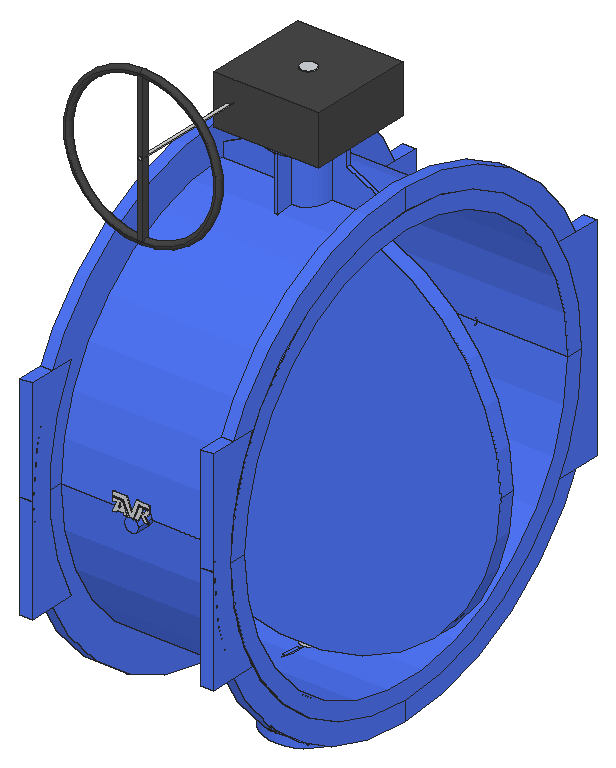
Revit family "756-106-682-DN700-2800", category Pipe Accessories, Revit 2019
Family settings
  Round Connector Dimension = Use Diameter
  Part Type = Valve - Breaks Into
  Work Plane-Based = No
  Always vertical = Yes
  Cut with Voids When Loaded = No
  Shared = No
Parameters (values of type "DN1800_PN16")
  W5 = size_lookup(Search_table, "W5", 0 mm, DN)  # 721 mm
  W4 = size_lookup(Search_table, "W4", 0 mm, DN)  # 1547 mm
  W3 = size_lookup(Search_table, "W3", 0 mm, DN)  # 1540 mm
  W2 = size_lookup(Search_table, "W2", 0 mm, DN)  # 1398 mm
  W1 = size_lookup(Search_table, "W1", 0 mm, DN)  # 1065 mm
  URL_product_pages = "https://www.avkvalves.com/P.aspx?no=756070010400609"
  Rib_width_2 = Gear_box_Mount_Flange_width * 2  # 359 mm
  Rib_width = L - (Flange_Thickness * 2)  # 750 mm
  Rib_height_2 = H1 - Flange_OD  # 115 mm
  Rib_depth = if(DN > 149 mm, 15 mm, if(DN > 299 mm, 15 mm, if(DN > 399 mm, 20 mm, 20 mm)))  # 15 mm
  Rib_height = Flange_OD / 1.1  # 968.182 mm
  Rf_Dia = size_lookup(Search_table, "RF_Dia", 0 mm, DN) / 2  # 973 mm
  RF_Cut_Thickness = 5 mm  # constant formula
  Pin_width = L / 2  # 435 mm
  Pin_dia = HW_rod_Dia * 2  # 60 mm
  Pin_Depth = (DN + size_lookup(Search_table, "Flange_OD", 0 mm, DN)) / 2  # 1965.05 mm
  Offset = size_lookup(Search_table, "Offset", 0 mm, DN)  # 3 mm
  L2 = size_lookup(Search_table, "L2", 0 mm, DN)  # 454 mm
  L1 = size_lookup(Search_table, "L1", 0 mm, DN)  # 448 mm
  L = size_lookup(Search_table, "L", 0 mm, DN)  # 870 mm
  ID (Radius) = DN / 2  # 900.05 mm
  Hand_wheel_rod = size_lookup(Search_table, "Hand_wheel_rod", 0 mm, DN)  # 58.5 mm
  HW_rod_Dia = size_lookup(Search_table, "HW_rod_Dia", 0 mm, DN)  # 30 mm
  HW_height = W5 - (HW_rod_Dia / 2)  # 706 mm
  HW_Ref = size_lookup(Search_table, "HW_Ref", 0 mm, DN)  # 170 mm
  HW_Connecting_Rib_ref = (H1 + W2) / 2  # 1289 mm
  HW_Connecting_Rib = D * 2  # 670 mm
  H2 = size_lookup(Search_table, "H2", 0 mm, DN)  # 1220 mm
  H1 = size_lookup(Search_table, "H1", 0 mm, DN)  # 1180 mm
  Gear_box_width = Gear_box_Mount_Flange_width * 1.3  # 233.35 mm
  Flange_Thickness = size_lookup(Search_table, "Flange_Thickness", 0 mm, DN)  # 60 mm
  Flange_OD = size_lookup(Search_table, "Flange_OD", 0 mm, DN) / 2  # 1065 mm
  Disc_width = if(DN > 2499 mm, 100 mm, if(DN > 2299 mm, 90 mm, if(DN > 1999 mm, 80 mm, if(DN > 1599 mm, 70 mm, if(DN > 1399 mm, 60 mm, if(DN > 999 mm, 50 mm, if(DN > 699 mm, 40 mm, 40 mm)))))))  # 70 mm
  Disc_Dia = size_lookup(Search_table, "Disc_Dia", 0 mm, DN)  # 1772 mm
  DN2800_PN10 = "756-2800-1-0400609"
  DN2800 = no
  DN2600_PN16 = "756-2600-1-1400609"
  DN2600_PN10 = "756-2600-1-0400609"
  DN2600 = no
  DN2400_PN16 = "756-2400-1-1400609"
  DN2400_PN10 = "756-2400-1-0400609"
  DN2400 = no
  DN2200_PN16 = "756-2200-1-1400609"
  DN2200_PN10 = "756-2200-1-0400609"
  DN2200 = no
  DN2000_PN16 = "756-2000-1-1400609"
  DN2000_PN10 = "756-2000-1-0400609"
  DN2000 = no
  DN0700_PN16 = "756-0700-1-1400609"
  DN = 1800.1 mm
  Search_table = "756-106-682-DN700-2800"
  Disk_2 = size_lookup(Search_table, "Disk_2", 0 mm, DN)  # 50 mm
  Disk_1 = size_lookup(Search_table, "Disk_1", 0 mm, DN)  # 50 mm
  Description_ = "AVK DOUBLE ECC. BUTTERFLY VALVE, LONG"
  DN1600_PN16 = "756-1600-1-1400609"
  DN1600_PN10 = "756-1600-1-0400609"
  DN1800 = no
  DN1800_PN16 = "756-1800-1-1400609"
  DN1800_PN10 = "756-1800-1-0400609"
  DN1600 = no
  DN1500_PN16 = "756-1500-1-1400609"
  DN1500_PN10 = "756-1500-1-0400609"
  DN1500 = no
  DN1400_PN16 = "756-1400-1-1400609"
  DN1400_PN10 = "756-1400-1-0400609"
  DN1400 = no
  DN1200_PN16 = "756-1200-1-1400609"
  DN1200_PN10 = "756-1200-1-0400609"
  DN1200 = no
  DN1000_PN16 = "756-1000-1-1400609"
  DN1000_PN10 = "756-1000-1-0400609"
  DN1000 = no
  DN0900_PN16 = "756-0900-1-1400609"
  DN0900_PN10 = "756-0900-1-0400609"
  DN900 = no
  DN0800_PN16 = "756-0800-1-1400609"
  DN0800_PN10 = "756-0800-1-0400609"
  DN800 = no
  DN0700_PN10 = "756-0700-1-0400609"
  DN700 = yes
  D1 = size_lookup(Search_table, "D1", 0 mm, DN)  # 12.3 mm
  D = size_lookup(Search_table, "D", 0 mm, DN) / 2 - (HW_rod_Dia / 2)  # 335 mm
  CD_rod = if(DN > 2499 mm, 99 mm, if(DN > 2299 mm, 89 mm, if(DN > 1999 mm, 79 mm, if(DN > 1599 mm, 69 mm, if(DN > 1399 mm, 59 mm, if(DN > 999 mm, 49 mm, if(DN > 699 mm, 39 mm, 39 mm)))))))  # 69 mm
  Bottom_width = size_lookup(Search_table, "Bottom_width", 0 mm, DN)  # 942 mm
  Bottom_Depth = DN * 1.5  # 2700.15 mm
  Gear_box_Mount_width = size_lookup(Search_table, "Gear_box_Mount_width", 0 mm, DN) * 2  # 110 mm
  Gear_box_Mount_Flange_width = size_lookup(Search_table, "Gear_box_Mount_Flange_width", 0 mm, DN) / 2  # 179.5 mm
  Gear_box_Mount_Flange_thickness = size_lookup(Search_table, "Gear_box_Mount_Flange_thickness", 0 mm, DN)  # 50 mm
  Body_wallthickness = 10 mm  # constant formula
Types (28, lengths in mm): name | W5 | W4 | W3 | W2 | W1 | Rib_width_2 | Rib_width | Rib_height_2 | Rib_height | Rf_Dia | Pin_width | Pin_Depth | L2 | L1 | L | ID (Radius) | Hand_wheel_rod | HW_height | HW_Ref | HW_Connecting_Rib_ref | HW_Connecting_Rib | H2 | H1 | Gear_box_width | Flange_Thickness | Flange_OD | Disc_width | Disc_Dia | DN2800 | DN2600 | DN2400_PN16 | DN0700_PN16 | DN | Disk_2 | Disk_1 | DN1500_PN10 | DN1200_PN10 | DN0900_PN10 | DN0700_PN10 | DN700 | D | CD_rod | Bottom_width | Bottom_Depth | Gear_box_Mount_width | Gear_box_Mount_Flange_width | Gear_box_Mount_Flange_thickness
  (no name) | 721 | 1547 | 1540 | 1398 | 1065 | 359 | 750 | 115 | 968.182 | 973 | 435 | 1965.05 | 454 | 448 | 870 | 900.05 | 58.5 | 706 | 170 | 1289 | 670 | 1220 | 1180 | 233.35 | 60 | 1065 | 70 | 1772 | no | no | "756-2400-1-1400609" | "756-0700-1-1400609" | 1800.1 | 50 | 50 | "756-1500-1-0400609" | "756-1200-1-0400609" | "756-0900-1-0400609" | "756-0700-1-0400609" | yes | 335 | 69 | 942 | 2700.15 | 110 | 179.5 | 50
  DN0700_PN10 | 396 | 543 | 533 | 641 | 448 | 204 | 350 | 72.5 | 406.818 | 397 | 215 | 797.5 | 133 | 127 | 430 | 350 | 33 | 381 | 110 | 580.5 | 570 | 550 | 520 | 132.6 | 40 | 447.5 | 40 | 690 | no | no | "756-2400-1-1400609" | "756-0700-1-1400609" | 700 | 40 | 40 | "756-1500-1-0400609" | "756-1200-1-0400609\r\n756-1200-1-0400609" | "756-0900-1-0400609" | "756-0700-1-0400609" | no | 285 | 39 | 395 | 1050 | 62 | 102 | 30
  DN0700_PN16 | 517 | 543 | 533 | 641 | 455 | 214 | 350 | 77 | 413.636 | 397 | 215 | 805.05 | 133 | 127 | 430 | 350.05 | 34.5 | 502 | 110 | 586.5 | 670 | 550 | 532 | 139.1 | 40 | 455 | 40 | 690 | no | no | "756-2400-1-1400609" | "756-0700-1-1400609" | 700.1 | 40 | 40 | "756-1500-1-0400609" | "756-1200-1-0400609" | "756-0900-1-0400609" | "756-0700-1-0400609" | no | 335 | 39 | 427 | 1050.15 | 66 | 107 | 30
  DN0800_PN10 | 396 | 636 | 627 | 711 | 508 | 223 | 390 | 95.5 | 461.364 | 450 | 235 | 907.5 | 162 | 156 | 470 | 400 | 36 | 381 | 125 | 657 | 570 | 620 | 603 | 144.95 | 40 | 507.5 | 40 | 788.5 | no | no | "756-2400-1-1400609" | "756-0700-1-1400609" | 800 | 40 | 40 | "756-1500-1-0400609" | "756-1200-1-0400609" | "756-0900-1-0400609" | "756-0700-1-0400609" | no | 285 | 39 | 460 | 1200 | 68 | 111.5 | 40
  DN0800_PN16 | 517 | 636 | 627 | 711 | 513 | 232 | 390 | 90.5 | 465.909 | 450 | 235 | 912.55 | 162 | 156 | 470 | 400.05 | 37.5 | 502 | 125 | 657 | 670 | 620 | 603 | 150.8 | 40 | 512.5 | 40 | 788.5 | no | no | "756-2400-1-1400609" | "756-0700-1-1400609" | 800.1 | 40 | 40 | "756-1500-1-0400609" | "756-1200-1-0400609" | "756-0900-1-0400609" | "756-0700-1-0400609" | no | 335 | 39 | 492 | 1200.15 | 72 | 116 | 40
  DN0900_PN10 | 517 | 730 | 722 | 791 | 558 | 241 | 430 | 116.5 | 506.818 | 500 | 255 | 1007.5 | 192 | 186 | 510 | 450 | 39 | 502 | 128 | 732.5 | 670 | 690 | 674 | 156.65 | 40 | 557.5 | 40 | 888.5 | no | no | "756-2400-1-0400609" | "756-0700-1-1400609" | 900 | 40 | 40 | "756-1500-1-0400609" | "756-1200-1-0400609" | "756-0900-1-0400609" | "756-0700-1-0400609" | no | 335 | 39 | 524 | 1350 | 74 | 120.5 | 40
  DN0900_PN16 | 570 | 730 | 722 | 791 | 563 | 250 | 430 | 111.5 | 511.364 | 500 | 255 | 1012.55 | 192 | 186 | 510 | 450.05 | 40.5 | 555 | 128 | 732.5 | 670 | 690 | 674 | 162.5 | 40 | 562.5 | 40 | 888.5 | no | no | "756-2400-1-1400609" | "756-0700-1-1400609" | 900.1 | 40 | 40 | "756-1500-1-0400609" | "756-1200-1-0400609" | "756-0900-1-0400609" | "756-0700-1-0400609" | no | 335 | 39 | 556 | 1350.15 | 76 | 125 | 40
  DN1000_PN10 | 530 | 824 | 816 | 871 | 615 | 259 | 470 | 130 | 559.091 | 556 | 275 | 1115 | 222 | 216 | 550 | 500 | 42 | 515 | 130 | 808 | 670 | 770 | 745 | 168.35 | 40 | 615 | 50 | 988 | no | no | "756-2400-1-1400609" | "756-0700-1-1400609" | 1000 | 40 | 40 | "756-1500-1-0400609" | "756-1200-1-0400609" | "756-0900-1-0400609" | "756-0700-1-0400609" | no | 335 | 49 | 588 | 1500 | 80 | 129.5 | 40
  DN1000_PN16 | 570 | 824 | 816 | 871 | 628 | 268 | 470 | 117.5 | 570.455 | 556 | 275 | 1127.55 | 222 | 216 | 550 | 500.05 | 43.5 | 555 | 130 | 808 | 570 | 770 | 745 | 174.2 | 40 | 627.5 | 50 | 988 | no | no | "756-2400-1-1400609" | "756-0700-1-1400609" | 1000.1 | 50 | 50 | "756-1500-1-0400609" | "756-1200-1-0400609" | "756-0900-1-0400609" | "756-0700-1-0400609" | no | 285 | 49 | 620 | 1500.15 | 82 | 134 | 40
  DN1200_PN10 | 570 | 993 | 986 | 956 | 728 | 277 | 550 | 112.5 | 661.364 | 666 | 315 | 1327.5 | 275 | 269 | 630 | 600 | 45 | 555 | 128 | 898 | 570 | 855 | 840 | 180.05 | 40 | 727.5 | 50 | 1174.5 | no | no | "756-2400-1-1400609" | "756-0700-1-1400609" | 1200 | 50 | 50 | "756-1500-1-0400609" | "756-1200-1-0400609" | "756-0900-1-0400609" | "756-0700-1-0400609" | no | 285 | 49 | 653 | 1800 | 84 | 138.5 | 40
  DN1200_PN16 | 590.5 | 993 | 986 | 956 | 743 | 286 | 530 | 97.5 | 675 | 666 | 315 | 1342.55 | 275 | 269 | 630 | 600.05 | 46.5 | 575.5 | 128 | 898 | 670 | 855 | 840 | 185.9 | 50 | 742.5 | 50 | 1174.5 | no | no | "756-2400-1-1400609" | "756-0700-1-1400609" | 1200.1 | 50 | 50 | "756-1500-1-0400609" | "756-1200-1-0400609" | "756-0900-1-0400609" | "756-0700-1-0400609" | no | 335 | 49 | 685 | 1800.15 | 88 | 143 | 40
  DN1400_PN10 | 570 | 1189 | 1182 | 1071 | 838 | 295 | 610 | 92.5 | 761.364 | 763 | 355 | 1537.5 | 339 | 333 | 710 | 700 | 48 | 555 | 150 | 1000.5 | 670 | 970 | 930 | 191.75 | 50 | 837.5 | 60 | 1382 | no | no | "756-2400-1-1400609" | "756-0700-1-1400609" | 1400 | 50 | 50 | "756-1500-1-0400609" | "756-1200-1-0400609" | "756-0900-1-0400609" | "756-0700-1-0400609" | no | 335 | 59 | 717 | 2100 | 90 | 147.5 | 40
  DN1400_PN16 | 590.5 | 1189 | 1182 | 1119 | 843 | 304 | 610 | 77.5 | 765.909 | 763 | 355 | 1542.55 | 339 | 333 | 710 | 700.05 | 49.5 | 575.5 | 150 | 1019.5 | 670 | 970 | 920 | 197.6 | 50 | 842.5 | 60 | 1382 | no | no | "756-2400-1-1400609" | "756-0700-1-1400609" | 1400.1 | 50 | 50 | "756-1500-1-0400609" | "756-1200-1-0400609" | "756-0900-1-0400609" | "756-0700-1-0400609" | no | 335 | 59 | 749 | 2100.15 | 94 | 152 | 40
  DN1500_PN10 | 570 | 1281 | 1274 | 1219 | 913 | 313 | 650 | 127.5 | 811.364 | 818 | 375 | 1642.5 | 369 | 363 | 750 | 750 | 51 | 555 | 175 | 1119.5 | 670 | 1070 | 1020 | 203.45 | 50 | 892.5 | 60 | 1482 | no | no | "756-2400-1-1400609" | "756-0700-1-1400609" | 1500 | 50 | 50 | "756-1500-1-0400609" | "756-1200-1-0400609" | "756-0900-1-0400609" | "756-0700-1-0400609" | no | 335 | 59 | 781 | 2250 | 96 | 156.5 | 40
  DN1500_PN16 | 590.5 | 1281 | 1274 | 1219 | 913 | 323 | 650 | 110 | 827.273 | 818 | 375 | 1660.05 | 369 | 363 | 750 | 750.05 | 52.5 | 575.5 | 175 | 1119.5 | 670 | 1070 | 1020 | 209.95 | 50 | 910 | 60 | 1482 | no | no | "756-2400-1-1400609" | "756-0700-1-1400609" | 1500.1 | 50 | 50 | "756-1500-1-0400609" | "756-1200-1-0400609" | "756-0900-1-0400609" | "756-0700-1-0400609" | no | 335 | 59 | 813 | 2250.15 | 98 | 161.5 | 50
  DN1600_PN16 | 630.5 | 1366 | 1359 | 1294 | 965 | 341 | 670 | 125 | 877.273 | 875 | 395 | 1765.05 | 396 | 390 | 790 | 800.05 | 55.5 | 615.5 | 181 | 1192 | 670 | 1145 | 1090 | 221.65 | 60 | 965 | 70 | 1576 | no | no | "756-2400-1-1400609" | "756-0700-1-1400609" | 1600.1 | 50 | 50 | "756-1500-1-0400609" | "756-1200-1-0400609" | "756-0900-1-0400609" | "756-0700-1-0400609" | no | 335 | 69 | 878 | 2400.15 | 104 | 170.5 | 50
  DN1600_PN10 | 590.5 | 1366 | 1359 | 1294 | 958 | 332 | 690 | 132.5 | 870.455 | 875 | 395 | 1757.5 | 396 | 390 | 790 | 800 | 54 | 575.5 | 181 | 1192 | 670 | 1145 | 1090 | 215.8 | 50 | 957.5 | 70 | 1576 | no | no | "756-2400-1-1400609" | "756-0700-1-1400609" | 1600 | 50 | 50 | "756-1500-1-0400609" | "756-1200-1-0400609" | "756-0900-1-0400609" | "756-0700-1-0400609" | no | 335 | 69 | 846 | 2400 | 102 | 166 | 50
  DN1800_PN16 | 721 | 1547 | 1540 | 1398 | 1065 | 359 | 750 | 115 | 968.182 | 973 | 435 | 1965.05 | 454 | 448 | 870 | 900.05 | 58.5 | 706 | 170 | 1289 | 670 | 1220 | 1180 | 233.35 | 60 | 1065 | 70 | 1772 | no | no | "756-2400-1-1400609" | "756-0700-1-1400609" | 1800.1 | 50 | 50 | "756-1500-1-0400609" | "756-1200-1-0400609" | "756-0900-1-0400609" | "756-0700-1-0400609" | yes | 335 | 69 | 942 | 2700.15 | 110 | 179.5 | 50
  DN1800_PN10 | 630.5 | 1547 | 1540 | 1369 | 1058 | 350 | 750 | 122.5 | 961.364 | 973 | 435 | 1957.5 | 454 | 448 | 870 | 900 | 57 | 615.5 | 170 | 1274.5 | 670 | 1220 | 1180 | 227.5 | 60 | 1057.5 | 70 | 1772 | no | no | "756-2400-1-1400609" | "756-0700-1-1400609" | 1800 | 50 | 50 | "756-1500-1-0400609" | "756-1200-1-0400609" | "756-0900-1-0400609" | "756-2800-1-0400609" | no | 335 | 69 | 910 | 2700 | 106 | 175 | 50
  DN2000_PN10 | 686 | 1760 | 1753 | 1547 | 1180 | 368 | 830 | 167.5 | 1056.818 | 1114 | 475 | 2162.5 | 527 | 521 | 950 | 1000 | 60 | 671 | 191 | 1438.5 | 670 | 1382 | 1330 | 239.2 | 60 | 1162.5 | 80 | 1998 | no | no | "756-2400-1-1400609" | "756-0700-1-1400609" | 2000 | 50 | 50 | "756-1500-1-0400609" | "756-1200-1-0400609" | "756-0900-1-0400609" | "756-0700-1-0400609" | yes | 335 | 79 | 974 | 3000 | 112 | 184 | 50
  DN2000_PN16 | 747 | 1760 | 1753 | 1560 | 1180 | 377 | 830 | 157.5 | 1065.909 | 1114 | 475 | 2172.55 | 527 | 521 | 950 | 1000.05 | 61.5 | 732 | 191 | 1445 | 670 | 1382 | 1330 | 245.05 | 60 | 1172.5 | 80 | 1998 | no | no | "756-2400-1-1400609" | "756-0700-1-1400609" | 2000.1 | 50 | 50 | "756-1500-1-0400609" | "756-1200-1-0400609" | "756-0900-1-0400609" | "756-0700-1-0400609" | yes | 335 | 79 | 1006 | 3000.15 | 116 | 188.5 | 50
  DN2200_PN16 | 764 | 1932 | 1926 | 1641 | 1278 | 395 | 910 | 142.5 | 1161.364 | 1180 | 515 | 2377.55 | 582 | 576 | 1030 | 1100.05 | 64.5 | 749 | 170 | 1530.5 | 670 | 1482 | 1420 | 256.75 | 60 | 1277.5 | 80 | 2187 | no | no | "756-2400-1-1400609" | "756-0700-1-1400609" | 2200.1 | 60 | 60 | "756-1500-1-0400609" | "756-1200-1-0400609" | "756-0900-1-0400609" | "756-0700-1-0400609" | yes | 335 | 79 | 1000 | 3300.15 | 120 | 197.5 | 50
  DN2200_PN10 | 721 | 1932 | 1926 | 1650 | 1275 | 386 | 910 | 135 | 1159.091 | 1180 | 515 | 2375 | 582 | 576 | 1030 | 1100 | 63 | 706 | 170 | 1530 | 670 | 1472 | 1410 | 250.9 | 60 | 1275 | 80 | 2187 | no | no | "756-2400-1-1400609" | "756-0700-1-1400609" | 2200 | 50 | 50 | "756-1500-1-0400609\r\n756-1500-1-1400609" | "756-1200-1-0400609" | "756-0900-1-0400609" | "756-0700-1-0400609" | yes | 335 | 79 | 1000 | 3300 | 118 | 193 | 50
  DN2600_PN16 | 780 | 2295 | 2289 | 2050 | 1535 | 432 | 1050 | 256 | 1385.455 | 1415 | 595 | 2824.05 | 699 | 693 | 1190 | 1300.05 | 70.5 | 765 | 214 | 1915 | 370 | 1855 | 1780 | 280.8 | 70 | 1524 | 100 | 2582.4 | no | yes | "756-2400-1-1400609" | "756-0700-1-1400609" | 2600.1 | 60 | 60 | "756-1500-1-0400609" | "756-1200-1-0400609" | "756-0900-1-0400609" | "756-0700-1-0400609" | no | 185 | 99 | 1199 | 3900.15 | 132 | 216 | 50
  DN2600_PN10 | 780 | 2295 | 2289 | 2010 | 1490 | 422 | 1050 | 270 | 1345.455 | 1415 | 595 | 2780 | 699 | 693 | 1190 | 1300 | 69 | 765 | 214 | 1880 | 370 | 1820 | 1750 | 274.3 | 70 | 1480 | 100 | 2582.4 | no | yes | "756-2400-1-1400609" | "756-0700-1-1400609" | 2600 | 60 | 60 | "756-1500-1-0400609" | "756-1200-1-0400609" | "756-0900-1-0400609" | "756-0700-1-0400609" | no | 185 | 99 | 1167 | 3900 | 128 | 211 | 50
  DN2400_PN10 | 752 | 2019 | 2103 | 1759 | 1380 | 404 | 970 | 190 | 1254.545 | 1272.5 | 555 | 2580 | 639 | 633 | 1110 | 1200 | 66 | 737 | 168 | 1664.5 | 670 | 1613 | 1570 | 262.6 | 70 | 1380 | 90 | 2382.4 | no | no | "756-2400-1-1400609" | "756-0700-1-1400609\r\n756-0700-1-1400609" | 2400 | 60 | 60 | "756-1500-1-0400609" | "756-1200-1-0400609" | "756-0900-1-0400609" | "756-0700-1-0400609" | yes | 335 | 89 | 1103 | 3600 | 124 | 202 | 50
  DN2400_PN16 | 764 | 2132 | 2126 | 1753 | 1382 | 413 | 970 | 167.5 | 1256.818 | 1272.5 | 555 | 2582.55 | 682 | 676 | 1110 | 1200.05 | 67.5 | 749 | 168 | 1651.5 | 670 | 1584 | 1550 | 268.45 | 70 | 1382.5 | 90 | 2382.3 | no | no | "756-2400-1-1400609" | "756-0700-1-1400609" | 2400.1 | 60 | 60 | "756-1500-1-0400609" | "756-1200-1-0400609" | "756-0800-1-0400609" | "756-0700-1-0400609" | yes | 335 | 89 | 1135 | 3600.15 | 126 | 206.5 | 50
  DN2800_PN10 | 825 | 2442 | 2441 | 2140 | 1600 | 441 | 1130 | 250 | 1445.455 | 1500 | 635 | 2990 | 739 | 738 | 1270 | 1400 | 72 | 810 | 240 | 1990 | 570 | 1921 | 1840 | 286.65 | 70 | 1590 | 100 | 2752.2 | yes | no | "756-2400-1-1400609" | "756-0700-1-1400609" | 2800 | 60 | 60 | "756-1500-1-0400609" | "756-1200-1-0400609" | "756-0900-1-0400609" | "756-0700-1-0400609" | no | 285 | 99 | 1232 | 4200 | 134 | 220.5 | 50
Reference planes
  plane 1 "Center (Front/Back)": y = 0
  plane 2: z = 0
  plane 3 "Center (Left/Right)": x = 0
  plane 4: y = 900.05
  plane 5: y = 910.05
  plane 6: x = 435
  plane 7: x = 375
  plane 8: x = -375
  plane 9: x = -435
  plane 10: z = 1180
  plane 11: x = 179.5
  plane 12: z = 1130
  plane 13: z = -1180
  plane 14: x = 179.5
  plane 15: z = -1130
  plane 16: x = 110
  plane 17: x = 179.5
  plane 18: x = -179.5
  plane 19: z = 1180
  plane 20: z = 1065
  plane 21: z = 900.05
  plane 22: x = 375
  plane 23: x = -375
  plane 24: z = 968.182
  plane 25: y = 7.5
  plane 26: y = -7.5
  plane 27: x = 179.5
  plane 28: x = -179.5
  plane 29: z = -1180
  plane 30: z = -1065
  plane 31: z = -900.05
  plane 32: x = 375
  plane 33: x = -375
  plane 34: z = -968.182
  plane 35: y = 179.5
  plane 36: y = -179.5
  plane 37: x = -7.5
  plane 38: x = 7.5
  plane 39: y = 233.35
  plane 40: y = -233.35
  plane 41: y = -721
  plane 42: y = -691
  plane 43: z = -1220
  plane 44: z = 1398
  plane 45: x = 110
  plane 46: y = 900.05
  plane 47: y = -900.05
  plane 48: y = 982.525
  plane 49: y = -982.525
  plane 50: x = -170
  plane 51: z = 1289
  plane 52: x = -196.6
  plane 53: x = -403
  plane 54: y = 233.35
  plane 55: y = -233.35
  plane 56: x = -170
  plane 57: y = 35
  plane 58: y = -35
  plane 59: z = 471
  plane 60: z = -471
  plane 61: y = -1065
  plane 62: z = 471
  plane 63: z = -471
  plane 64: y = 1065
  plane 65: x = -175
  plane 66: z = 1219.265
  plane 67: z = -1219.265
  plane 68: z = 1222.386
  plane 69: z = -1222.386
Forms (mm)
  Revolve 1, solid, material "Plastic"
    sketch origin (0, 0, 0) x (1, 0, 0) y (0, 1, 0)
      loop
        line (-375, 910.05) -> (-375, 1065) -> (-435, 1065) -> (-435, 900.05) -> (435, 900.05) -> (435, 1065) -> (375, 1065) -> (375, 910.05) -> (-375, 910.05)
      axis (-435, 0) -> (435, 0)
    angle from 0 to 360
  Revolve 2, solid, material "Plastic"
    sketch origin (0, 0, 0) x (1, 0, 0) y (0, 0, 1)
      loop
        line (110, 1130) -> (179.5, 1130) -> (179.5, 1180) -> (0, 1180) -> (0, 900.05) -> (110, 900.05) -> (110, 1130)
      axis (0, 1180) -> (0, 900.05)
    angle from 0 to 360
  Revolve 3, solid, material "Plastic"
    sketch origin (0, 0, 0) x (1, 0, 0) y (0, 0, -1)
      loop
        line (110, 900.05) -> (110, 1130) -> (179.5, 1130) -> (179.5, 1180) -> (0, 1180) -> (0, 900.05) -> (110, 900.05)
      axis (0, 1180) -> (0, 900.05)
    angle from 0 to 360
  Revolve 4, solid, material "Plastic"
    sketch origin (0, 0, 0) x (1, 0, 0) y (0, 0, 1)
      loop
        line (0, -1180) -> (0, -1220) -> (179.5, -1220) -> (179.5, -1180) -> (0, -1180)
      axis (0, -1220) -> (0, -1180)
    angle from 0 to 360
  Extrusion 5, solid, material "Plastic"
    sketch origin (0, 0, 0) x (1, 0, 0) y (0, 0, 1)
      loop
        line (179.5, 1180) -> (-179.5, 1180) -> (-179.5, 1065) -> (-375, 968.182) -> (-375, 900.05) -> (375, 900.05) -> (375, 968.182) -> (179.5, 1065) -> (179.5, 1180)
    from -7.5 to 7.5
  Extrusion 6, solid, material "Plastic"
    sketch origin (0, 0, 0) x (1, 0, 0) y (0, 0, 1)
      loop
        line (179.5, -1180) -> (179.5, -1065) -> (375, -968.182) -> (375, -900.05) -> (-375, -900.05) -> (-375, -968.182) -> (-179.5, -1065) -> (-179.5, -1180) -> (179.5, -1180)
    from -7.5 to 7.5
  Extrusion 7, solid, material "Plastic"
    sketch origin (0, 0, 0) x (0, 1, 0) y (0, 0, 1)
      loop
        line (179.5, 1130) -> (-179.5, 1130) -> (-179.5, -1130) -> (179.5, -1130) -> (179.5, 1130)
    from -7.5 to 7.5
  Extrusion 8, void
    sketch origin (0, 0, 0) x (0, 1, 0) y (0, 0, 1)
      loop
        circle (0, 0) r 900.05
    from -435 to 435
  Extrusion 9, solid, material "Plastic"
    sketch origin (0, 0, 0) x (1, 0, 0) y (0, 0, 1)
      loop
        circle (0, 0) r 30
    from -982.525 to -900.05
  Extrusion 10, solid, material "Plastic"
    sketch origin (0, 0, 0) x (1, 0, 0) y (0, 0, 1)
      loop
        circle (0, 0) r 30
    from 982.525 to 900.05
  Revolve 11, void
    sketch origin (0, 0, 0) x (1, 0, 0) y (0, 0, 1)
      loop
        line (435, 1220) -> (430, 1220) -> (430, 973) -> (435, 973) -> (435, 1220)
      loop
        line (-435, 1220) -> (-435, 973) -> (-430, 973) -> (-430, 1220) -> (-435, 1220)
      axis (-435, 0) -> (435, 0)
    angle from 0 to 360
  Extrusion 12, solid, material "Stainless Steel AISI 304"
    sketch origin (0, 0, 0) x (1, 0, 0) y (0, 0, 1)
      loop
        line (-233.35, 1398) -> (-233.35, 1180) -> (233.35, 1180) -> (233.35, 1398) -> (-233.35, 1398)
    from -233.35 to 233.35
  Extrusion 13, solid, material "Stainless Steel AISI 304(1)"
    sketch origin (0, 0, 0) x (1, 0, 0) y (0, 0, 1)
      loop
        circle (-170, 1289) r 6.15
    from 0 to 721
  Extrusion 14, solid, material "Plastic"
    sketch origin (0, 0, 0) x (1, 0, 0) y (0, 0, 1)
      loop
        circle (-3, 0) r 886
    from -35 to 35
  Extrusion 15, solid
    sketch origin (0, 0, 0) x (1, 0, 0) y (0, 1, 0)
      loop
        circle (0, 0) r 34.5
    from -1220 to 1398
  Extrusion 16, solid, material "Plastic"
    sketch origin (-170, -1524, 1534) x (0, 0, 1) y (0, -1, 0)
      loop
        line (-1063, -672.596) -> (-1063, -459) -> (-1534, -459) -> (-2005, -459) -> (-2005, -672.596)
        arc (-2005, -672.596) -> (-1534, -551) -> (-1063, -672.596) r 973
      loop
        arc (-1063, -2375.404) -> (-1534, -2497) -> (-2005, -2375.404) r 973
        line (-2005, -2375.404) -> (-2005, -2589) -> (-1063, -2589) -> (-1063, -2375.404)
    from 545 to 600
  Extrusion 17, solid, material "Plastic"
    sketch origin (-170, -1524, 1534) x (0, 0, 1) y (0, -1, 0)
      loop
        line (-1063, -2589) -> (-1063, -2375.404)
        arc (-1063, -2375.404) -> (-1534, -2497) -> (-2005, -2375.404) r 973
        line (-2005, -2375.404) -> (-2005, -2589) -> (-1063, -2589)
      loop
        line (-1534, -459) -> (-2005, -459) -> (-2005, -672.596)
        arc (-2005, -672.596) -> (-1534, -551) -> (-1063, -672.596) r 973
        line (-1063, -672.596) -> (-1063, -459) -> (-1534, -459)
    from -260 to -205
Cuts and joins
  Extrusion 8, Revolve 11 cuts Revolve 1
  Extrusion 8 cuts Extrusion 7
Dimensions and locks
  equal spacing: plane 9, plane 3 "Center (Left/Right)", plane 6
  "L": plane 9 to plane 6
  "ID (Radius)": plane 4 to plane 1 "Center (Front/Back)"
  "Body_wallthickness": plane 5 to plane 4
  "Flange_Thickness": plane 7 to plane 6
  "Flange_Thickness": plane 9 to plane 8
  "Flange_OD": plane 1 "Center (Front/Back)" to Revolve 1 sketch curve
  "H1": plane 10 to level
  "Gear_box_Mount_Flange_thickness": plane 10 to plane 12
  "ID (Radius)": Revolve 2 sketch curve to level
  "Gear_box_Mount_Flange_width": plane 3 "Center (Left/Right)" to plane 11
  "Gear_box_Mount_Flange_thickness": plane 13 to plane 15
  "H1": level to plane 13
  "ID (Radius)": level to Revolve 3 sketch curve
  "Gear_box_Mount_Flange_width": Revolve 4 sketch curve to Revolve 4 sketch curve
  "ID (Radius)": plane 21 to level
  "H1": plane 19 to level
  "Gear_box_Mount_Flange_width": plane 3 "Center (Left/Right)" to plane 17
  "Gear_box_Mount_Flange_width": plane 18 to plane 3 "Center (Left/Right)"
  "Rib_height": plane 24 to level
  equal spacing: plane 25, plane 1 "Center (Front/Back)", plane 26
  "Rib_depth": plane 25 to plane 26
  equal spacing: plane 22, plane 3 "Center (Left/Right)", plane 23
  "Rib_width": plane 22 to plane 23
  "Rib_height_2": plane 19 to plane 20
  "Rib_height_2": plane 29 to plane 30
  "Rib_height": level to plane 34
  "Gear_box_Mount_Flange_width": plane 28 to plane 3 "Center (Left/Right)"
  "Gear_box_Mount_Flange_width": plane 3 "Center (Left/Right)" to plane 27
  "ID (Radius)": level to plane 31
  "H1": level to plane 29
  equal spacing: plane 32, plane 3 "Center (Left/Right)", plane 33
  "Rib_width": plane 32 to plane 33
  equal spacing: plane 35, plane 1 "Center (Front/Back)", plane 36
  equal spacing: plane 37, plane 3 "Center (Left/Right)", plane 38
  "Rib_depth": plane 37 to plane 38
  equal spacing: plane 39, plane 1 "Center (Front/Back)", plane 40
  "Rib_width_2": plane 35 to plane 36
  "Gear_box_width": plane 1 "Center (Front/Back)" to plane 40
  "W5": plane 1 "Center (Front/Back)" to plane 41
  "H2": level to Revolve 4 sketch curve
  "HW_rod_Dia": plane 42 to plane 41
  "H2": level to plane 43
  "W2": plane 44 to level
  "Gear_box_Mount_width": plane 45 to plane 3 "Center (Left/Right)"
  "Gear_box_Mount_width": plane 3 "Center (Left/Right)" to plane 16
  "Gear_box_Mount_Flange_width": plane 3 "Center (Left/Right)" to plane 14
  "H2": Extrusion 9 sketch curve to Revolve 4
  equal spacing: plane 46, plane 1 "Center (Front/Back)", plane 47
  "DN": plane 46 to plane 47
  equal spacing: plane 48, plane 1 "Center (Front/Back)", plane 49
  "Pin_Depth": plane 48 to plane 49
  "Rf_Dia": Revolve 11 sketch curve to level
  "RF_Cut_Thickness": Revolve 11 sketch curve to Revolve 11 sketch curve  (x2)
  "H2": Revolve 11 sketch curve to level
  "HW_Ref": plane 3 "Center (Left/Right)" to plane 50
  "HW_Connecting_Rib_ref": plane 51 to level
  plane 3 "Center (Left/Right)" to plane 53 = 403 mm
  cut or joined group of Revolve 1, Extrusion 8, Revolve 11 to cut or joined group of Revolve 1, Extrusion 8, Revolve 11 = 870 mm
  equal spacing: Extrusion 12 sketch curve, plane 3 "Center (Left/Right)", Extrusion 12 sketch curve
  "Gear_box_width": Extrusion 12 sketch curve to plane 3 "Center (Left/Right)"
  equal spacing: plane 54, plane 1 "Center (Front/Back)", plane 55
  "Gear_box_width": plane 1 "Center (Front/Back)" to plane 55
  "HW_Ref": plane 3 "Center (Left/Right)" to plane 56
  "HW_Ref": plane 3 "Center (Left/Right)" to Extrusion 13 sketch curve
  plane 51 to Extrusion 12 = 109 mm
  "HW_Connecting_Rib_ref": Extrusion 13 sketch curve to level
  "Offset": plane 3 "Center (Left/Right)" to Extrusion 14 sketch curve
  equal spacing: plane 57, plane 1 "Center (Front/Back)", plane 58
  "Disc_width": plane 57 to plane 58
  equal spacing: plane 47, Extrusion 15 sketch curve, plane 46
  equal spacing: cut or joined group of Revolve 1, Extrusion 8, Revolve 11, Extrusion 15 sketch curve, cut or joined group of Revolve 1, Extrusion 8, Revolve 11
  equal spacing: plane 59, level, plane 60
  "Bottom_width": plane 59 to plane 60
  "W1": plane 1 "Center (Front/Back)" to plane 61
  equal spacing: plane 63, level, plane 62
  "Bottom_width": plane 63 to plane 62
  "W1": plane 64 to plane 1 "Center (Front/Back)"
  Extrusion 14 to cut or joined group of Revolve 1, Extrusion 8, Revolve 11 = 454 mm
  cut or joined group of Revolve 1, Extrusion 8, Revolve 11 to Extrusion 14 = 448 mm
  "W1": plane 1 "Center (Front/Back)" to Extrusion 17
  plane 66 to plane 67 = 2438.53 mm
  plane 68 to plane 69 = 2444.772 mm
  "Pin_dia": diameter of Extrusion 9 sketch curve
  "D1": diameter of Extrusion 13 sketch curve
  "Disc_Dia": diameter of Extrusion 14 sketch curve
  "CD_rod": diameter of Extrusion 15 sketch curve
  aligned and locked: level to plane 2
  aligned and locked: Revolve 1 sketch curve to plane 4
  aligned and locked: plane 5 to Revolve 1 sketch curve
  aligned and locked: Revolve 1 sketch curve to plane 6
  aligned and locked: Revolve 1 sketch curve to plane 7
  aligned and locked: Revolve 1 sketch curve to plane 8
  aligned and locked: Revolve 1 sketch curve to plane 9
  aligned and locked: Revolve 1 sketch curve to Revolve 1 sketch curve
  aligned and locked: plane 1 "Center (Front/Back)" to Revolve 1 sketch curve
  aligned and locked: Revolve 2 sketch curve to Revolve 2 sketch curve
  aligned and locked: Revolve 2 sketch curve to plane 10
  aligned and locked: Revolve 2 sketch curve to plane 11  (x2)
  aligned and locked: plane 12 to Revolve 2 sketch curve
  aligned and locked: Revolve 2 sketch curve to plane 3 "Center (Left/Right)"
  aligned and locked: Revolve 3 sketch curve to plane 14
  aligned and locked: plane 13 to Revolve 3 sketch curve
  aligned and locked: Revolve 4 sketch curve to Revolve 3
  aligned and locked: Revolve 4 sketch curve to plane 3 "Center (Left/Right)"  (x2)
  aligned and locked: Extrusion 5 sketch curve to plane 17  (x2)
  aligned and locked: Extrusion 5 sketch curve to plane 19
  aligned and locked: Extrusion 5 sketch curve to plane 18  (x2)
  aligned and locked: plane 19 to Extrusion 5 sketch curve
  aligned and locked: Extrusion 5 sketch curve to plane 20
  aligned and locked: plane 20 to Extrusion 5 sketch curve
  aligned and locked: Extrusion 5 sketch curve to plane 24
  aligned and locked: plane 22 to Extrusion 5 sketch curve  (x2)
  aligned and locked: plane 24 to Extrusion 5 sketch curve
  aligned and locked: plane 23 to Extrusion 5 sketch curve  (x2)
  aligned and locked: plane 21 to Extrusion 5 sketch curve
  aligned and locked: Extrusion 5 to plane 25
  aligned and locked: plane 26 to Extrusion 5
  aligned and locked: Extrusion 6 sketch curve to plane 27  (x2)
  aligned and locked: plane 32 to Extrusion 6 sketch curve  (x2)
  aligned and locked: plane 33 to Extrusion 6 sketch curve  (x2)
  aligned and locked: plane 31 to Extrusion 6 sketch curve  (x2)
  aligned and locked: Extrusion 6 sketch curve to plane 34
  aligned and locked: plane 28 to Extrusion 6 sketch curve  (x2)
  aligned and locked: Extrusion 6 sketch curve to plane 30
  aligned and locked: plane 30 to Extrusion 6 sketch curve
  aligned and locked: Extrusion 6 sketch curve to plane 29
  aligned and locked: plane 29 to Extrusion 6 sketch curve
  aligned and locked: plane 34 to Extrusion 6 sketch curve
  aligned and locked: plane 35 to Extrusion 7 sketch curve
  aligned and locked: Extrusion 7 sketch curve to plane 36
  aligned and locked: Extrusion 7 sketch curve to Revolve 2
  aligned and locked: Extrusion 7 to plane 38
  aligned and locked: Extrusion 7 to plane 37
  aligned and locked: Extrusion 8 sketch curve to Revolve 1  (x2)
  aligned and locked: Revolve 2 sketch curve to plane 45  (x2)
  aligned and locked: plane 16 to Revolve 3 sketch curve
  aligned and locked: plane 15 to Revolve 3 sketch curve
  aligned and locked: Revolve 3 sketch curve to plane 15
  aligned and locked: plane 3 "Center (Left/Right)" to Revolve 3 sketch curve
  aligned and locked: Revolve 3 sketch curve to plane 3 "Center (Left/Right)"
  aligned and locked: Revolve 3 sketch curve to Revolve 3 sketch curve
  aligned and locked: plane 14 to Revolve 3 sketch curve
  aligned and locked: Extrusion 9 to plane 46
  aligned and locked: Extrusion 10 sketch curve to Extrusion 9  (x2)
  aligned and locked: plane 47 to Extrusion 10
  aligned and locked: Extrusion 9 to plane 48
  aligned and locked: plane 49 to Extrusion 10
  aligned and locked: Revolve 11 sketch curve to cut or joined group of Revolve 1, Extrusion 8, Revolve 11  (x2)
  aligned and locked: Revolve 11 sketch curve to Revolve 11 sketch curve  (x2)
  aligned and locked: Revolve 11 sketch curve to plane 2
  aligned and locked: Extrusion 8 to Revolve 1  (x2)
  aligned and locked: Extrusion 7 sketch curve to Revolve 3
  aligned and locked: Extrusion 12 sketch curve to plane 44
  aligned and locked: Extrusion 12 sketch curve to Revolve 2
  aligned and locked: Extrusion 12 to plane 54
  aligned and locked: plane 55 to Extrusion 12
  aligned and locked: Extrusion 13 to plane 1 "Center (Front/Back)"
  aligned and locked: Extrusion 14 to plane 57
  aligned and locked: Extrusion 14 to plane 58
  aligned and locked: plane 44 to Extrusion 15
  aligned and locked: Extrusion 15 to Revolve 4
  aligned and locked: plane 3 "Center (Left/Right)" to nested 1
  aligned and locked: Extrusion 5 to Extrusion 16
  aligned and locked: Extrusion 16 sketch curve to plane 59  (x2)
  aligned and locked: plane 61 to Extrusion 16 sketch curve
  aligned and locked: Extrusion 16 sketch curve to plane 60  (x2)
  aligned and locked: Extrusion 16 sketch curve to plane 61
  aligned and locked: plane 64 to Extrusion 16 sketch curve
  aligned and locked: Extrusion 16 sketch curve to plane 62  (x2)
  aligned and locked: Extrusion 16 sketch curve to plane 63  (x2)
  aligned and locked: Extrusion 16 sketch curve to cut or joined group of Revolve 1, Extrusion 8, Revolve 11  (x2)
  aligned and locked: Extrusion 16 to cut or joined group of Revolve 1, Extrusion 8, Revolve 11
  aligned and locked: Extrusion 17 sketch curve to Extrusion 16  (x9)
  aligned and locked: cut or joined group of Revolve 1, Extrusion 8, Revolve 11 to Extrusion 17
  aligned and locked: Extrusion 17 to cut or joined group of Revolve 1, Extrusion 8, Revolve 11
  aligned and locked: nested 2 to plane 51
  aligned and locked: plane 56 to nested 2
  aligned and locked: plane 51 to nested 3
  aligned and locked: plane 56 to nested 3
  aligned and locked: nested 3 to plane 41
  aligned and locked: plane 41 to Extrusion 13
  aligned and locked: Extrusion 13 to nested 2
  aligned and locked: plane 41 to nested 4
  aligned and locked: nested 4 to plane 51
  aligned and locked: nested 4 to plane 56
Automatic sketch dimensions
  plane 50 to Revolve 1 sketch curve = 25 mm
  Revolve 1 sketch curve to plane 38 = 19.183 mm
  Revolve 2 sketch curve to Revolve 2 sketch curve = 35.25 mm
  Revolve 3 sketch curve to Revolve 3 sketch curve = 35.25 mm
  Revolve 4 sketch curve to Revolve 4 sketch curve = 60 mm
  Revolve 4 sketch curve to Revolve 4 sketch curve = 15 mm
  Extrusion 9 sketch curve to plane 3 "Center (Left/Right)" = 0 mm
  Extrusion 14 sketch curve to level = 0 mm
  Extrusion 16 sketch curve to level = 0 mm
  Extrusion 17 sketch curve to level = 0 mm
  Revolve 3 sketch curve to Revolve 3 sketch curve = 32.25 mm
  Revolve 2 sketch curve to Revolve 2 sketch curve = 32.25 mm
  Revolve 11 sketch curve to plane 52 = 0.4 mm
  Revolve 11 sketch curve to plane 38 = 42.5 mm
Nested families
  nested 1: "LOGO 600" at (0, -982.525, 30) x (1, 0, 0) z (0, -1, 0), type "LOGO 600"
  nested 2: "Hand Wheel 600mm" at (-170, -706, 1289), visible <- "DN2800", type "DN2800"
    with DN2800 no
  nested 3: "Hand Wheel 400mm" at (-170, -711.046, 1289), type "DN2600"
    with DN2600 no
  nested 4: "Hand Wheel 700mm" at (-170, -706, 1289), visible <- "DN700", type "DN700"
Connectors
  piping at (435, 0, 0), diameter 1800.1, driven by "DN"
    settings: on Extrusion 8, index 1, connector inside diameter 609.6 mm, connector length 0 mm, flow factor 0, pipe flow 0.0 L/s, pressure drop 0.0 Pa, fitting loss kfactor 0, connector angle 0.00°, fixture units 0, engagement length 0 mm, angle of deflection 0.00°, flow configuration 0, flow direction 0, fitting loss method 0, system type 7, joint type 0, gender type 0, connector reference index -1, connector utility 0, adjustable connector no, is connector primary yes, connector description ""
  piping at (-435, 0, 0), diameter 1800.1, driven by "DN"
    settings: on Extrusion 8, index 2, connector inside diameter 609.6 mm, connector length 0 mm, flow factor 0, pipe flow 0.0 L/s, pressure drop 0.0 Pa, fitting loss kfactor 0, connector angle 0.00°, fixture units 0, engagement length 0 mm, angle of deflection 0.00°, flow configuration 0, flow direction 0, fitting loss method 0, system type 7, joint type 0, gender type 0, connector reference index -1, connector utility 0, adjustable connector no, is connector primary no, connector description ""
Definition of nested family "LOGO 600"
  Parameters (values of type "LOGO 600")
    Default Elevation = 1219.2 mm
    DN600 = yes
  Reference planes
    plane 1 "Center (Front/Back)": y = 0
    plane 2: z = 0
    plane 3 "Center (Left/Right)": x = 0
  Forms (mm)
    Extrusion 1, solid
      sketch origin (0, 0, 0) x (1, 0, 0) y (0, 1, 0)
        loop
          line (-1219.2, 1219.2) -> (-1219.2, -1219.2) -> (1219.2, -1219.2) -> (1219.2, 1219.2) -> (-1219.2, 1219.2)
      from 0 to -304.8
    Extrusion 2, solid, visible <- "DN600"
      sketch origin (0, 0, 0) x (1, 0, 0) y (0, 1, 0)
        loop
          line (-22.357, 78.446) -> (-82.368, 78.446) -> (-82.368, 62.168) -> (-33.516, 62.168) -> (-8.205, 0) -> (8.205, 0) -> (33.516, 62.168) -> (82.368, 62.168) -> (82.368, 78.446) -> (22.357, 78.446) -> (0, 23.534) -> (-22.357, 78.446)
        loop
          line (-37.737, 55.893) -> (-82.368, 55.893) -> (-82.368, 40.203) -> (-66.935, 40.203) -> (-82.368, 0) -> (-64.932, 0) -> (-61.62, 8.629) -> (-36.069, 8.629) -> (-32.556, 0) -> (-14.981, 0) -> (-37.737, 55.893)
        loop
          line (-57.579, 23.534) -> (-42.137, 23.534) -> (-50.086, 43.055) -> (-57.579, 23.534)
        loop
          line (55.312, 55.893) -> (37.737, 55.893) -> (14.981, 0) -> (32.556, 0) -> (41.503, 21.977) -> (58.064, 0) -> (78.446, 0) -> (59.714, 24.857)
          arc (59.714, 24.857) -> (70.64, 30.248) -> (77.661, 40.203) r 24.71
          line (77.661, 40.203) -> (82.368, 40.203) -> (82.368, 55.893) -> (66.679, 55.893)
          arc (66.679, 55.893) -> (60.961, 41.731) -> (47.013, 35.51) r 20.396
          line (47.013, 35.51) -> (55.312, 55.893)
      from 0 to 1
  Dimensions and locks
    aligned and locked: plane 2 to Extrusion 1
    aligned and locked: level to Extrusion 1
Definition of nested family "Hand Wheel 700mm"
  Parameters (values of type "DN700")
    DN700 = yes
  Reference planes
    plane 1 "Center (Front/Back)": y = 0
    plane 2: z = 0
    plane 3 "Center (Left/Right)": x = 0
    plane 4: z = 335
    plane 5: y = 15
    plane 6: y = -15
    plane 7: x = -10
    plane 8: x = 10
  Forms (mm)
    Revolve 1, solid, visible <- "DN700"
      sketch origin (0, 0, 0) x (0, 1, 0) y (0, 0, 1)
        loop
          circle (0, 335) r 15
        axis (15, 0) -> (-15, 0)
      angle from 0 to 360
    Extrusion 2, solid, visible <- "DN700"
      sketch origin (0, 0, 0) x (1, 0, 0) y (0, 0, 1)
        loop
          line (-10, 335) -> (-10, 0) -> (10, 0) -> (10, 335) -> (-10, 335)
      from -15 to 15
    Extrusion 3, solid, visible <- "DN700"
      sketch origin (0, 0, 0) x (1, 0, 0) y (0, 0, 1)
        loop
          line (-10, -335) -> (10, -335) -> (10, 0) -> (-10, 0) -> (-10, -335)
      from -15 to 15
  Dimensions and locks
    equal spacing: Extrusion 2 sketch curve, plane 3 "Center (Left/Right)", Extrusion 2 sketch curve
    locked: Extrusion 2 to Extrusion 2 at 20
    Extrusion 3 sketch curve to Extrusion 3 sketch curve = 20 mm
    locked: Extrusion 3 to Extrusion 3 at 20
    locked: plane 4 to level at 335
    locked: Extrusion 2 to level at 335
    equal spacing: Extrusion 2, level, Extrusion 3
    radius of Revolve 1 sketch curve = 15 mm
    aligned and locked: level to plane 2
    aligned and locked: Extrusion 2 to plane 5
    aligned and locked: Extrusion 2 to plane 6
    aligned and locked: plane 7 to Extrusion 2
    aligned and locked: plane 8 to Extrusion 2
    aligned and locked: Extrusion 2 to level
    aligned and locked: level to Extrusion 3
    aligned and locked: Extrusion 2 to plane 2
  Automatic sketch dimensions
    Revolve 1 sketch curve to level = 0 mm
    Revolve 1 sketch curve to plane 1 "Center (Front/Back)" = 0 mm
    Revolve 1 sketch curve to plane 4 = 0 mm
    plane 6 to Revolve 1 sketch curve = 225 mm
    plane 5 to Revolve 1 sketch curve = 70 mm
    Extrusion 2 sketch curve to level = 0 mm
    Extrusion 2 sketch curve to plane 7 = 0 mm
    Extrusion 2 sketch curve to Extrusion 2 sketch curve = 335 mm
    Extrusion 3 sketch curve to level = 0 mm
    Extrusion 3 sketch curve to plane 7 = 0 mm
    Extrusion 3 sketch curve to Extrusion 3 sketch curve = 335 mm
Definition of nested family "Hand Wheel 600mm"
  Parameters (values of type "DN2800")
    DN2800 = yes
  Reference planes
    plane 1 "Center (Front/Back)": y = 0
    plane 2: z = 0
    plane 3 "Center (Left/Right)": x = 0
    plane 4: z = 285
    plane 5: y = 15
    plane 6: y = -15
    plane 7: x = -10
    plane 8: x = 10
  Forms (mm)
    Revolve 1, solid, visible <- "DN2800"
      sketch origin (0, 0, 0) x (0, 1, 0) y (0, 0, 1)
        loop
          circle (0, 285) r 15
        axis (15, 0) -> (-15, 0)
      angle from 0 to 360
    Extrusion 2, solid, visible <- "DN2800"
      sketch origin (0, 0, 0) x (1, 0, 0) y (0, 0, 1)
        loop
          line (-10, 290) -> (-10, 0) -> (10, 0) -> (10, 290) -> (-10, 290)
      from -15 to 15
    Extrusion 3, solid, visible <- "DN2800"
      sketch origin (0, 0, 0) x (1, 0, 0) y (0, 0, 1)
        loop
          line (-10, -290) -> (10, -290) -> (10, 0) -> (-10, 0) -> (-10, -290)
      from -15 to 15
  Dimensions and locks
    equal spacing: Extrusion 2 sketch curve, plane 3 "Center (Left/Right)", Extrusion 2 sketch curve
    locked: Extrusion 2 to Extrusion 2 at 20
    Extrusion 3 sketch curve to Extrusion 3 sketch curve = 20 mm
    locked: Extrusion 3 to Extrusion 3 at 20
    locked: Extrusion 2 to level at 290
    equal spacing: Extrusion 2, level, Extrusion 3
    aligned and locked: level to plane 2
    aligned and locked: plane 5 to Extrusion 2
    aligned and locked: Extrusion 2 to plane 6
    aligned and locked: plane 7 to Extrusion 2
    aligned and locked: plane 8 to Extrusion 2
    aligned and locked: Extrusion 2 to level
    aligned and locked: level to Extrusion 3
    aligned and locked: Extrusion 2 to plane 2
  Automatic sketch dimensions
    Revolve 1 sketch curve to level = 0 mm
    Revolve 1 sketch curve to plane 1 "Center (Front/Back)" = 0 mm
    Revolve 1 sketch curve to plane 4 = 0 mm
    plane 6 to Revolve 1 sketch curve = 225 mm
    plane 5 to Revolve 1 sketch curve = 70 mm
    Extrusion 2 sketch curve to level = 0 mm
    Extrusion 2 sketch curve to plane 7 = 0 mm
    Extrusion 2 sketch curve to Extrusion 2 sketch curve = 290 mm
    Extrusion 3 sketch curve to level = 0 mm
    Extrusion 3 sketch curve to plane 7 = 0 mm
    Extrusion 3 sketch curve to Extrusion 3 sketch curve = 290 mm
    radius of Revolve 1 sketch curve = 15 mm
Definition of nested family "Hand Wheel 400mm"
  Parameters (values of type "DN2600")
    DN2600 = yes
  Reference planes
    plane 1 "Center (Front/Back)": y = 0
    plane 2: z = 0
    plane 3 "Center (Left/Right)": x = 0
    plane 4: z = 190
    plane 5: y = -9.954
    plane 6: y = 9.954
  Forms (mm)
    Revolve 1, solid, visible <- "DN2600"
      sketch origin (0, 0, 0) x (0, 1, 0) y (0, 0, 1)
        loop
          circle (0, 190) r 10
        axis (10, 0) -> (-10, 0)
      angle from 0 to 360
    Extrusion 2, solid, visible <- "DN2600"
      sketch origin (0, 0, 0) x (1, 0, 0) y (0, 0, 1)
        loop
          line (-5.902, -180) -> (5.902, -180) -> (5.902, 0) -> (-5.902, 0) -> (-5.902, -180)
      from -9.954 to 9.954
    Extrusion 3, solid, visible <- "DN2600"
      sketch origin (0, 0, 0) x (1, 0, 0) y (0, 0, 1)
        loop
          line (-5.902, 180) -> (-5.902, 0) -> (5.902, 0) -> (5.902, 180) -> (-5.902, 180)
      from -9.954 to 9.954
  Dimensions and locks
    Extrusion 2 sketch curve to Extrusion 2 sketch curve = 11.805 mm
    equal spacing: Extrusion 2, plane 3 "Center (Left/Right)", Extrusion 2
    Extrusion 3 sketch curve to Extrusion 3 sketch curve = 11.805 mm
    Extrusion 3 to Extrusion 3 = 11.805 mm
    equal spacing: Extrusion 3, level, Extrusion 2
    locked: plane 1 "Center (Front/Back)" to plane 5 at 9.954
    equal spacing: plane 6, plane 1 "Center (Front/Back)", plane 5
    aligned and locked: level to plane 2
    aligned and locked: level to Extrusion 2
    aligned and locked: Extrusion 2 to Extrusion 3  (x2)
    aligned and locked: Extrusion 3 to Extrusion 2  (x2)
    aligned and locked: Extrusion 3 to plane 5
    aligned and locked: plane 6 to Extrusion 3
  Automatic sketch dimensions
    Revolve 1 sketch curve to level = 0 mm
    Revolve 1 sketch curve to plane 1 "Center (Front/Back)" = 0 mm
    Revolve 1 sketch curve to plane 4 = 0 mm
    Extrusion 2 sketch curve to level = 0 mm
    level to Extrusion 2 sketch curve = 180 mm
    Extrusion 3 sketch curve to level = 0 mm
    level to Extrusion 3 sketch curve = 180 mm
    plane 3 "Center (Left/Right)" to Extrusion 2 sketch curve = 5.902 mm
    Extrusion 3 sketch curve to plane 3 "Center (Left/Right)" = 5.902 mm
    plane 1 "Center (Front/Back)" to Revolve 1 sketch curve = 240 mm
    Revolve 1 sketch curve to plane 1 "Center (Front/Back)" = 85 mm
    radius of Revolve 1 sketch curve = 10 mm
